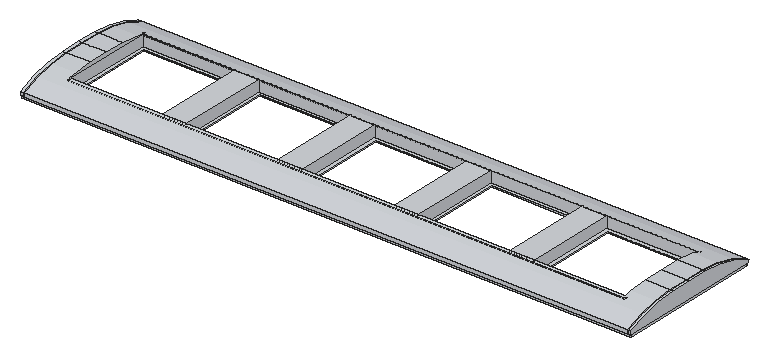
Revit family "Gira_021571", category Electrical Fixtures, host Face, Revit 2017
Family settings
  Host = Face
  Maintain Annotation Orientation = No
  Round Connector Dimension = Use Diameter
  Part Type = Normal
  Cut with Voids When Loaded = No
  Shared = No
  Room Calculation Point = No
Parameters (values of type "Abdeckrahmen 5f Zwischenr. F Alu Gira Event Reinweiß m")
  Werkstoffgüte = "Thermoplast"
  Werkstoff = "Kunststoff"
  URL = "http://katalog.gira.de/de_DE/datenblatt.html?artikelnr=021571"
  Transparent = "No"
  Textfeld/Beschriftungsfläche = "No"
  Schutzart (IP) = "IP20"
  Region = "DE"
  Oberfläche = "sonstige"
  Name = "Abdeckrahmen 5f Zwischenr. F Alu Gira Event Reinweiß m"
  Montagerichtung = "horizontal und vertikal"
  Mit Montagerahmen = "No"
  Mit Klappdeckel = "No"
  Manufacturer URL = "https://www.gira.de/"
  Keynote = "Event_Rahmen_5fach"
  HeinzeBIM = "https://bimportal.heinze.de/bim/abdeckrahmen-5f-zwischenr-f-alu-gira-event-reinweiss-m/81f3b998034481a59a4af5020834f703b7f7214b"
  Halogenfrei = "Yes"
  HAN = "021571"
  Geeignet für Unterputz-Installation = "Yes"
  Geeignet für Unterflurkanaldose = "No"
  Geeignet für Geräteeinbaukanal = "No"
  Geeignet für Einbauinstallation = "No"
  GTIN = "4010337215714"
  Farbe = "weiß"
  Default Elevation = 1219.2 mm
  Data sheet (1) = "https://katalog.gira.de/de_DE/download.html?artikelnr=021571"
  Category = "Abdeckrahmen"
  Befestigungsart = "Klemmbefestigung"
  Available = "Yes"
  Ausführung der Oberfläche = "matt"
  Anzahl der Einheiten vertikal = "5 "
  Anzahl der Einheiten horizontal = "5 "
  Anzahl der Einheiten = "5 "
Reference planes
  plane 1 "Center (Front/Back)": y = 0
  plane 2: z = 0
  plane 3 "Center (Left/Right)": x = 0
Forms (mm)
  Extrusion 1, solid, detail levels fine
    sketch origin (0, 0, 0.05) x (0, 1, 0) y (0, 0, 1)
      loop
        arc (12.445, 9.683) -> (6.223, 9.833) -> (0, 9.85) r 291.636
        arc (0, 9.85) -> (-6.223, 9.833) -> (-12.445, 9.683) r 291.636
        arc (-12.445, 9.683) -> (-29.14, 7.482) -> (-45, 1.823) r 79.728
        line (-45, 1.823) -> (-45, -0.05) -> (-42.086, -0.05)
        arc (-42.086, -0.05) -> (-21.385, 5.559) -> (0, 7.206) r 114.424
        arc (0, 7.206) -> (21.385, 5.559) -> (42.086, -0.05) r 114.424
        line (42.086, -0.05) -> (45, -0.05) -> (45, 1.823)
        arc (45, 1.823) -> (29.14, 7.482) -> (12.445, 9.683) r 79.728
    from -185.578 to 185.593
  Extrusion 2, void, detail levels fine
    sketch origin (0, 0, 0) x (1, 0, 0) y (0, 1, 0)
      loop
        line (170.607, 28) -> (-170.593, 28) -> (-170.593, -28) -> (170.607, -28) -> (170.607, 28)
    from 0.724 to 11
  Extrusion 3, solid, detail levels coarse
    sketch origin (0, 0, 0) x (1, 0, 0) y (0, 1, 0)
      loop
        line (-187.578, 45) -> (-187.578, -45) -> (187.593, -45) -> (187.593, 45) -> (-187.578, 45)
    from -1.5 to 9.9
  Extrusion 4, solid, detail levels medium
    sketch origin (0, 0, 0.05) x (0, 1, 0) y (0, 0, 1)
      loop
        arc (12.445, 9.683) -> (6.223, 9.833) -> (0, 9.85) r 291.636
        arc (0, 9.85) -> (-6.223, 9.833) -> (-12.445, 9.683) r 291.636
        arc (-12.445, 9.683) -> (-29.14, 7.482) -> (-45, 1.823) r 79.728
        line (-45, 1.823) -> (-45, -0.05) -> (45, -0.05) -> (45, 1.823)
        arc (45, 1.823) -> (29.14, 7.482) -> (12.445, 9.683) r 79.728
    from -187.578 to 187.593
  Extrusion 5, solid, detail levels fine
    sketch origin (-142.578, 0, -1.5) x (0, 1, 0) y (0, 0, -1)
      loop
        line (45, -3.373) -> (45, -1.5) -> (-45, -1.5) -> (-45, -3.373)
        arc (-45, -3.373) -> (-29.14, -9.032) -> (-12.445, -11.233) r 79.728
        arc (-12.445, -11.233) -> (-6.223, -11.383) -> (0, -11.4) r 291.636
        arc (0, -11.4) -> (6.223, -11.383) -> (12.445, -11.233) r 291.636
        arc (12.445, -11.233) -> (29.14, -9.032) -> (45, -3.373) r 79.728
    from 43 to 45
  Extrusion 6, solid, detail levels fine
    sketch origin (0, 0, 0) x (1, 0, 0) y (0, 1, 0)
      loop
        line (-168.493, 25.7) -> (-168.493, -25.7) -> (-116.693, -25.7) -> (-116.693, 25.7) -> (-168.493, 25.7)
      loop
        line (-45.398, -25.7) -> (-45.398, 25.7) -> (-97.198, 25.7) -> (-97.198, -25.7) -> (-45.398, -25.7)
      loop
        line (-171.487, 28.49) -> (-171.487, -28.495)
        spline (-171.487, -28.495) -> (-171.479, -28.625) -> (-171.453, -28.754) -> (-171.411, -28.878) -> (-171.353, -28.995) -> (-171.281, -29.104) -> (-171.194, -29.202) -> (-171.096, -29.288) -> (-170.987, -29.361) -> (-170.87, -29.419) -> (-170.746, -29.461) -> (-170.618, -29.486) -> (-170.487, -29.495)
        line (-170.487, -29.495) -> (170.502, -29.495)
        spline (170.502, -29.495) -> (170.633, -29.486) -> (170.761, -29.461) -> (170.885, -29.419) -> (171.002, -29.361) -> (171.111, -29.288) -> (171.209, -29.202) -> (171.296, -29.104) -> (171.368, -28.995) -> (171.426, -28.878) -> (171.468, -28.754) -> (171.494, -28.625) -> (171.502, -28.495)
        line (171.502, -28.495) -> (171.502, 28.49)
        spline (171.502, 28.49) -> (171.494, 28.62) -> (171.468, 28.748) -> (171.426, 28.872) -> (171.368, 28.99) -> (171.296, 29.098) -> (171.209, 29.197) -> (171.111, 29.283) -> (171.002, 29.356) -> (170.885, 29.413) -> (170.761, 29.456) -> (170.633, 29.481) -> (170.502, 29.49)
        line (170.502, 29.49) -> (-170.487, 29.49)
        spline (-170.487, 29.49) -> (-170.618, 29.481) -> (-170.746, 29.456) -> (-170.87, 29.413) -> (-170.987, 29.356) -> (-171.096, 29.283) -> (-171.194, 29.197) -> (-171.281, 29.098) -> (-171.353, 28.99) -> (-171.411, 28.872) -> (-171.453, 28.748) -> (-171.479, 28.62) -> (-171.487, 28.49)
      loop
        line (25.902, -25.7) -> (25.902, 25.7) -> (-25.898, 25.7) -> (-25.898, -25.7) -> (25.902, -25.7)
      loop
        line (97.207, -25.7) -> (97.207, 25.7) -> (45.407, 25.7) -> (45.407, -25.7) -> (97.207, -25.7)
      loop
        line (168.507, -25.7) -> (168.507, 25.7) -> (116.707, 25.7) -> (116.707, -25.7) -> (168.507, -25.7)
    from 0.1 to 7.3
  Extrusion 7, solid
    sketch origin (0, 0, 0) x (1, 0, 0) y (0, 1, 0)
      loop
        arc (-187.293, -44.218) -> (-187.146, -44.572) -> (-186.793, -44.718) r 0.5
        line (-186.793, -44.718) -> (186.807, -44.718)
        arc (186.807, -44.718) -> (187.161, -44.572) -> (187.307, -44.218) r 0.5
        line (187.307, -44.218) -> (187.307, 44.182)
        arc (187.307, 44.182) -> (187.161, 44.535) -> (186.807, 44.682) r 0.5
        line (186.807, 44.682) -> (-186.793, 44.682)
        arc (-186.793, 44.682) -> (-187.146, 44.535) -> (-187.293, 44.182) r 0.5
        line (-187.293, 44.182) -> (-187.293, -44.218)
      loop
        line (-185.593, 42.982) -> (-185.593, -43.018) -> (185.607, -43.018) -> (185.607, 42.982) -> (-185.593, 42.982)
    from -1.5 to 0.5
  Extrusion 8, solid, detail levels fine
    sketch origin (142.593, 0, -1.5) x (0, 1, 0) y (0, 0, 1)
      loop
        arc (45, 3.373) -> (29.14, 9.032) -> (12.445, 11.233) r 79.728
        arc (12.445, 11.233) -> (6.223, 11.383) -> (0, 11.4) r 291.636
        arc (0, 11.4) -> (-6.223, 11.383) -> (-12.445, 11.233) r 291.636
        arc (-12.445, 11.233) -> (-29.14, 9.032) -> (-45, 3.373) r 79.728
        line (-45, 3.373) -> (-45, 1.5) -> (45, 1.5) -> (45, 3.373)
    from 43 to 45
  Extrusion 9, solid, detail levels medium
    sketch origin (0, 0, 0) x (1, 0, 0) y (0, 1, 0)
      loop
        line (-187.293, -44.718) -> (187.307, -44.718) -> (187.307, 44.682) -> (-187.293, 44.682) -> (-187.293, -44.718)
    from -1.5 to 0.5
  Extrusion 10, solid, detail levels fine
    sketch origin (-105.5, 0, 0) x (1, 0, 0) y (0, 1, 0)
      loop
        line (-8.943, 28.063) -> (-8.943, -27.937) -> (6.057, -27.937) -> (6.057, 28.063) -> (-8.943, 28.063)
    from 0.724 to 7.566
  Extrusion 11, solid, detail levels fine
    sketch origin (-37.085, 0, 0) x (-1, 0, 0) y (0, -1, 0)
      loop
        line (-8.943, -28.063) -> (6.057, -28.063) -> (6.057, 27.937) -> (-8.943, 27.937) -> (-8.943, -28.063)
    from 0.724 to 7.566
  Extrusion 12, solid, detail levels fine
    sketch origin (105.5, 0, 0) x (-1, 0, 0) y (0, -1, 0)
      loop
        line (-8.943, -28.063) -> (6.057, -28.063) -> (6.057, 27.937) -> (-8.943, 27.937) -> (-8.943, -28.063)
    from 0.724 to 7.566
  Extrusion 13, solid, detail levels fine
    sketch origin (37.085, 0, 0) x (1, 0, 0) y (0, 1, 0)
      loop
        line (-8.943, 28.063) -> (-8.943, -27.937) -> (6.057, -27.937) -> (6.057, 28.063) -> (-8.943, 28.063)
    from 0.724 to 7.566
Cuts and joins
  Extrusion 2 cuts Extrusion 1
  Extrusion 2 cuts Extrusion 6
Dimensions and locks
  aligned and locked: plane 2 to host face
  aligned and locked: level to host face
